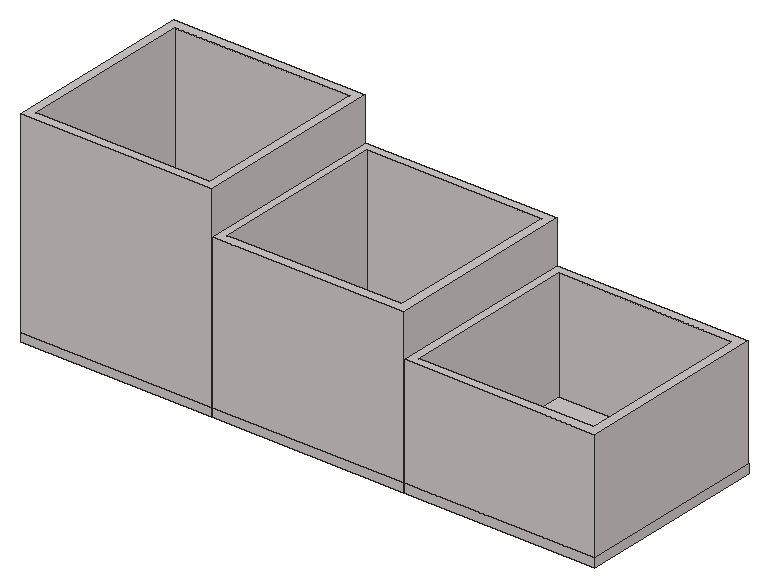
Revit family
Parameters (values of type "1350 x 450 mm")
  Width = 450 mm
  Material = Pre-cast Concrete
  Length-C = 450 mm
  Length-B = 450 mm
  Length-A = 450 mm
  Height-C = 300 mm
  Height-B = 400 mm
  Height-A = 500 mm
Reference planes
  plane 1 "Center (Front/Back)": y = 0
  plane 2: z = 0
  plane 3 "Center (Left/Right)": x = 0
  plane 4: x = -225
  plane 5: x = -675
  plane 6: x = 225
  plane 7: x = 675
  plane 8: y = 225
  plane 9: y = -225
  plane 10: z = 500
  plane 11: z = 400
  plane 12: z = 300
Forms (mm)
  Extrusion 1, solid, material "Pre-cast Concrete" <- "Material"
    sketch origin (0, 0, 0) x (1, 0, 0) y (0, 1, 0)
      loop
        line (-600, 150) -> (-600, -150) -> (-300, -150) -> (-300, 150) -> (-600, 150)
    from 0 to 20
  Extrusion 2, solid, material "Pre-cast Concrete" <- "Material"
    sketch origin (0, 0, 0) x (1, 0, 0) y (0, 1, 0)
      loop
        line (-675, 225) -> (-675, -225) -> (-225, -225) -> (-225, 225) -> (-675, 225)
      loop
        line (-655, 205) -> (-655, -205) -> (-245, -205) -> (-245, 205) -> (-655, 205)
    from 40 to 500
  Extrusion 3, solid, material "Pre-cast Concrete" <- "Material"
    sketch origin (0, 0, 0) x (1, 0, 0) y (0, 1, 0)
      loop
        line (-675, 225) -> (-675, -225) -> (-225, -225) -> (-225, 225) -> (-675, 225)
    from 20 to 40
  Extrusion 4, solid, material "Pre-cast Concrete" <- "Material"
    sketch origin (0, 0, 0) x (1, 0, 0) y (0, 1, 0)
      loop
        line (-150, 150) -> (-150, -150) -> (150, -150) -> (150, 150) -> (-150, 150)
    from 0 to 20
  Extrusion 5, solid, material "Pre-cast Concrete" <- "Material"
    sketch origin (0, 0, 0) x (1, 0, 0) y (0, 1, 0)
      loop
        line (-225, 225) -> (-225, -225) -> (225, -225) -> (225, 225) -> (-225, 225)
    from 20 to 40
  Extrusion 6, solid, material "Pre-cast Concrete" <- "Material"
    sketch origin (0, 0, 0) x (1, 0, 0) y (0, 1, 0)
      loop
        line (-225, 225) -> (-225, -225) -> (225, -225) -> (225, 225) -> (-225, 225)
      loop
        line (-205, 205) -> (-205, -205) -> (205, -205) -> (205, 205) -> (-205, 205)
    from 40 to 400
  Extrusion 7, solid, material "Pre-cast Concrete" <- "Material"
    sketch origin (0, 0, 0) x (1, 0, 0) y (0, 1, 0)
      loop
        line (300, 150) -> (300, -150) -> (600, -150) -> (600, 150) -> (300, 150)
    from 0 to 20
  Extrusion 8, solid, material "Pre-cast Concrete" <- "Material"
    sketch origin (0, 0, 0) x (1, 0, 0) y (0, 1, 0)
      loop
        line (225, 225) -> (225, -225) -> (675, -225) -> (675, 225) -> (225, 225)
    from 20 to 40
  Extrusion 9, solid, material "Pre-cast Concrete" <- "Material"
    sketch origin (0, 0, 0) x (1, 0, 0) y (0, 1, 0)
      loop
        line (225, 225) -> (225, -225) -> (675, -225) -> (675, 225) -> (225, 225)
      loop
        line (245, 205) -> (245, -205) -> (655, -205) -> (655, 205) -> (245, 205)
    from 40 to 300
Lines and regions (mm)
  symbolic lines
    curve 1: line (-675, 225, 0) -> (-225, 225, 0)
    curve 2: line (-675, -225, 0) -> (-675, 225, 0)
    curve 3: line (-225, -225, 0) -> (-675, -225, 0)
    curve 4: line (-225, 225, 0) -> (-225, -225, 0)
    curve 5: line (-655, 205, 0) -> (-245, 205, 0)
    curve 6: line (-655, -205, 0) -> (-655, 205, 0)
    curve 7: line (-245, -205, 0) -> (-655, -205, 0)
    curve 8: line (-245, 205, 0) -> (-245, -205, 0)
    curve 9: line (-205, 205, 0) -> (205, 205, 0)
    curve 10: line (-205, -205, 0) -> (-205, 205, 0)
    curve 11: line (205, -205, 0) -> (-205, -205, 0)
    curve 12: line (205, 205, 0) -> (205, -205, 0)
    curve 13: line (225, 225, 0) -> (675, 225, 0)
    curve 14: line (225, -225, 0) -> (225, 225, 0)
    curve 15: line (675, -225, 0) -> (225, -225, 0)
    curve 16: line (675, 225, 0) -> (675, -225, 0)
    curve 17: line (245, 205, 0) -> (655, 205, 0)
    curve 18: line (245, -205, 0) -> (245, 205, 0)
    curve 19: line (655, -205, 0) -> (245, -205, 0)
    curve 20: line (655, 205, 0) -> (655, -205, 0)
    curve 21: line (225, 225, 0) -> (-225, 225, 0)
    curve 22: line (-225, -225, 0) -> (225, -225, 0)
Dimensions and locks
  "Height-A": plane 10 to level
  "Height-B": plane 11 to level
  "Height-C": plane 12 to level
  "Length-A": plane 5 to plane 4
  "Length-C": plane 6 to plane 7
  "Length-B": plane 4 to plane 6
  equal spacing: plane 4, plane 3 "Center (Left/Right)", plane 6
  equal spacing: plane 9, plane 1 "Center (Front/Back)", plane 8
  "Width": plane 9 to plane 8
  plane 5 to plane 7 = 1350 mm
  aligned and locked: Extrusion 1 to level
  aligned and locked: plane 5 to Extrusion 2 sketch curve
  aligned and locked: plane 8 to Extrusion 2 sketch curve
  aligned and locked: plane 9 to Extrusion 2 sketch curve
  aligned and locked: Extrusion 2 sketch curve to plane 4
  aligned and locked: Extrusion 3 sketch curve to Extrusion 2  (x3)
  aligned and locked: Extrusion 2 to Extrusion 3 sketch curve
  aligned and locked: Extrusion 3 to Extrusion 1
  aligned and locked: Extrusion 2 to Extrusion 3
  aligned and locked: Extrusion 2 to plane 10
  aligned and locked: Extrusion 4 to level
  aligned and locked: Extrusion 2 to Extrusion 5 sketch curve
  aligned and locked: Extrusion 5 sketch curve to Extrusion 2
  aligned and locked: plane 9 to Extrusion 5 sketch curve
  aligned and locked: Extrusion 5 sketch curve to plane 6
  aligned and locked: Extrusion 3 to Extrusion 5
  aligned and locked: Extrusion 2 to Extrusion 6 sketch curve
  aligned and locked: Extrusion 6 sketch curve to Extrusion 2
  aligned and locked: Extrusion 5 to Extrusion 6 sketch curve
  aligned and locked: Extrusion 6 sketch curve to Extrusion 5
  aligned and locked: Extrusion 2 to Extrusion 6
  aligned and locked: Extrusion 6 to plane 11
  aligned and locked: Extrusion 5 to Extrusion 8 sketch curve
  aligned and locked: Extrusion 8 sketch curve to Extrusion 5
  aligned and locked: plane 9 to Extrusion 8 sketch curve
  aligned and locked: Extrusion 8 sketch curve to plane 7
  aligned and locked: Extrusion 4 to Extrusion 8
  aligned and locked: Extrusion 5 to Extrusion 9 sketch curve
  aligned and locked: Extrusion 9 sketch curve to Extrusion 8  (x2)
  aligned and locked: Extrusion 8 to Extrusion 9 sketch curve
  aligned and locked: Extrusion 9 to plane 12
  aligned and locked: Extrusion 2 to Extrusion 9
Automatic sketch dimensions
  plane 5 to Extrusion 1 sketch curve = 75 mm
  Extrusion 1 sketch curve to plane 4 = 75 mm
  Extrusion 1 sketch curve to plane 9 = 75 mm
  plane 8 to Extrusion 1 sketch curve = 75 mm
  plane 5 to Extrusion 2 sketch curve = 20 mm
  Extrusion 2 sketch curve to plane 4 = 20 mm
  Extrusion 2 sketch curve to plane 9 = 20 mm
  plane 8 to Extrusion 2 sketch curve = 20 mm
  plane 4 to Extrusion 4 sketch curve = 75 mm
  Extrusion 4 sketch curve to plane 6 = 75 mm
  Extrusion 4 sketch curve to plane 9 = 75 mm
  plane 8 to Extrusion 4 sketch curve = 75 mm
  plane 4 to Extrusion 6 sketch curve = 20 mm
  Extrusion 6 sketch curve to plane 6 = 20 mm
  Extrusion 6 sketch curve to plane 9 = 20 mm
  plane 8 to Extrusion 6 sketch curve = 20 mm
  plane 6 to Extrusion 7 sketch curve = 75 mm
  Extrusion 7 sketch curve to plane 7 = 75 mm
  Extrusion 7 sketch curve to plane 9 = 75 mm
  plane 8 to Extrusion 7 sketch curve = 75 mm
  plane 6 to Extrusion 9 sketch curve = 20 mm
  Extrusion 9 sketch curve to plane 7 = 20 mm
  Extrusion 9 sketch curve to plane 9 = 20 mm
  plane 8 to Extrusion 9 sketch curve = 20 mm
  curve 1 to plane 5 = 0 mm
  curve 22 to plane 4 = 0 mm
  curve 22 to plane 6 = 0 mm
  curve 13 to plane 7 = 0 mm
  curve 22 to plane 9 = 0 mm
  curve 13 to plane 8 = 0 mm
  plane 5 to curve 7 = 20 mm
  curve 7 to plane 4 = 20 mm
  plane 4 to curve 10 = 20 mm
  curve 12 to plane 6 = 20 mm
  plane 6 to curve 17 = 20 mm
  curve 19 to plane 7 = 20 mm
  curve 6 to plane 9 = 20 mm
  curve 20 to plane 9 = 20 mm
  curve 11 to plane 9 = 20 mm
  plane 8 to curve 5 = 20 mm
  plane 8 to curve 10 = 20 mm
  plane 8 to curve 18 = 20 mm
